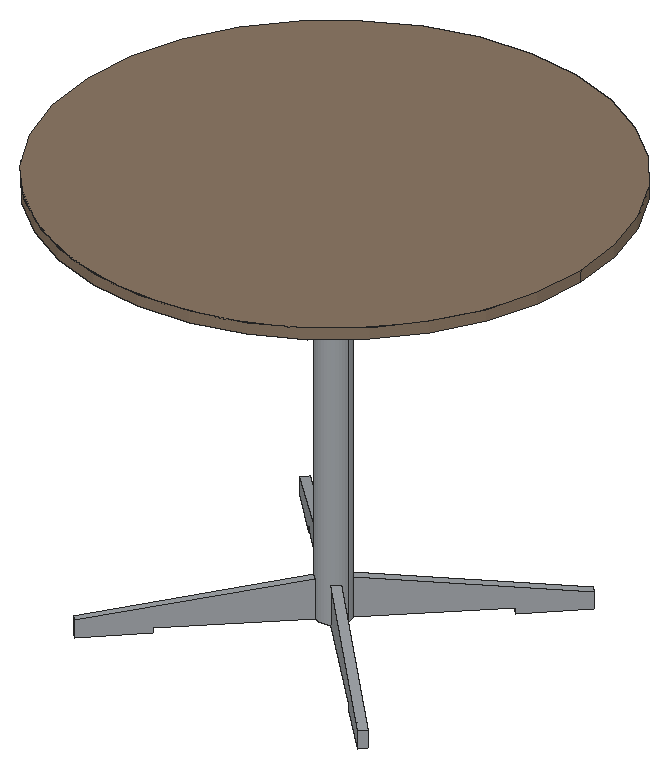
Revit family
Parameters
  URL = "http://www.martinbrattrud.com"
  Table Top [instance] = none
  SCS Certified Product = "Yes"
  Model = "Kurve 481-24CH"
  Manufacturer = "Martin Brattrud, Inc."
  Leg [instance] = none
  Keynote = "125000"
  Copyright = "© 2013 Martin Brattrud, Inc."
  Authoring Version = "Revit Architecture 2010"
  Assembly Code = "E2020200"
Reference planes (in)
  plane 1: z = 0
  plane 2 "Center Left/Right": x = 0
  plane 3: y = 0.07212
  plane 4: z = 0
Forms (in)
  Extrusion 1, solid, material <- "Leg"
    sketch origin (0, 0, 0) x (1, 0, 0) y (0, 1, 0)
      loop
        circle (0, 0) r 0.75
    from 0.25 to 18.625
  Extrusion 2, solid, material <- "Leg"
    sketch origin (0.03606, -0.01494, 0) x (-0.707107, 0.707107, 0) y (0, 0, 1)
      loop
        line (10, 0) -> (10, 0.75) -> (0.75, 1.99519) -> (0.75, 0.25) -> (7, 0.25) -> (7, 0) -> (10, 0)
      loop
        line (-9.89801, 0) -> (-6.89801, 0) -> (-6.89801, 0.25) -> (-0.64801, 0.25) -> (-0.64801, 1.99519) -> (-9.89801, 0.75) -> (-9.89801, 0)
    from -0.1875 to 0.1875
  Extrusion 3, solid, material <- "Leg"
    sketch origin (0.03606, 0.05718, 0) x (-0.707107, -0.707107, 0) y (0, 0, 1)
      loop
        line (10, 0) -> (10, 0.75) -> (0.75, 1.99519) -> (0.75, 0.25) -> (7, 0.25) -> (7, 0) -> (10, 0)
      loop
        line (-9.89801, 0) -> (-6.89801, 0) -> (-6.89801, 0.25) -> (-0.64801, 0.25) -> (-0.64801, 1.99519) -> (-9.89801, 0.75) -> (-9.89801, 0)
    from -0.1875 to 0.1875
  Revolve 4, solid, material <- "Leg"
    sketch origin (0, 0, 4) x (0, 1, 0) y (0, 0, 1)
      loop
        line (3, 15) -> (0, 15) -> (0, 14.625) -> (2.75, 14.625) -> (3, 15)
      axis (0, 14.625) -> (0, 15)
    angle from 0 to 360
  Extrusion 5, solid
    sketch origin (0, 0, 0) x (1, 0, 0) y (0, 1, 0)
      loop
        circle (0, 0.07212) r 12
    from 19.5 to 19
